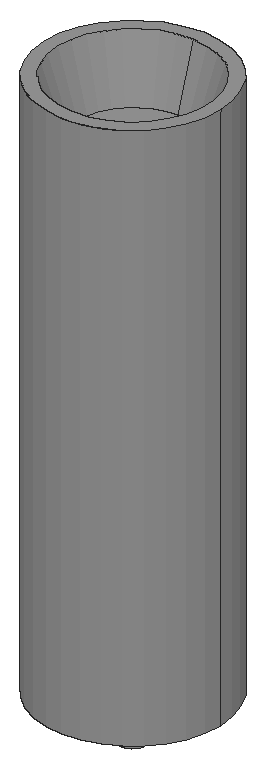
Revit family "2061017 Sylvania Lighting Fixture TubiXx LED surface 4000K white-white", category Lighting Fixtures, host Face, Revit 2016
Family settings
  Host = Face
  Part Type = Normal
  Round Connector Dimension = Use Diameter
  OmniClass Number = 23.80.70.00
  OmniClass Title = Lighting
  Cut with Voids When Loaded = No
  Light Source = Yes
  Shared = No
  Room Calculation Point = No
Parameters (values of type "2061017 TUBIXX LED SURFACE 4000K WHITE-WHITE")
  Weight = "n/a"
  Wattage Comments = ""
  Wattage = 9.2903 W
  WarrantyStartDate [instance] = "n/a"
  WarrantyGuarantorParts = "n/a"
  WarrantyDurationUnit = "n/a"
  WarrantyDurationParts = ""
  WarrantyDescription = "http://www.sylvania-lighting.com"
  built-in parameter 1150110 = 1 (stored number, unit not read)
  Voltage = 0 V
  URL = "0.95"
  TypeName = "TubiXx LED surface 4000K white-white"
  Type Image = <None>
  Type Comments = "n/a"
  Tube Recess = 28 mm
  Tube Diameter = 80 mm
  built-in parameter 1114217 = 1 (stored number, unit not read)
  Tilt Angle = 90.00°
  built-in parameter 1150109 = 1 (stored number, unit not read)
  built-in parameter 1150134 = 3
  built-in parameter 1150113 = 1 (stored number, unit not read)
  SerialNumber [instance] = "n/a"
  Photometric Web File = "2061017.ies"
  Material_3_FEILO = none
  PowerFactor = 0
  PowerConsumption = "Lighting"
  NominalLength = 0 mm
  NominalHeight = 0 mm
  NominalDepth = 0 mm
  Name = "TubiXx LED surface 4000K white-white"
  ModelReference = Name  # "TubiXx LED surface 4000K white-white"
  ModelNumber = "2061017"
  Model = Name  # "TubiXx LED surface 4000K white-white"
  Material = "Feilo Sylvania"
  ManufacturerName = "95 lm/W"
  Manufacturer = ""
  LuminousEfficacy = ""
  built-in parameter 1150105 = 109.82 (stored number, unit not read)
  Lumens = 1380 lm
  LuminaireType = "0"
  built-in parameter 1150115 = 1 (stored number, unit not read)
  LightOutputRatio = "LED"
  built-in parameter 1150137 = (empty or 0)
  built-in parameter 1150139 = (empty or 0)
  LampsType = Lamp  # "n/a"
  LampNominalLuminous = "4000 K"
  LampMacAdamStep = "92"
  LampColourTemperature = "LED"
  LampColourRenderingIndex = "16500"
  built-in parameter 1150112 = 1 (stored number, unit not read)
  built-in parameter 1150114 = 1 (stored number, unit not read)
  Lamp = "n/a"
  Keynote = "n/a"
  InstallationDate [instance] = "n/a"
  InputVoltage = "0"
  InputNominalFrequency = "4000"
  built-in parameter 1150132 = (empty or 0)
  built-in parameter 1150102 = (empty or 0)
  built-in parameter 1150107 = 3200 (stored number, unit not read)
  built-in parameter 1150138 = (empty or 0)
  IngressProtection = "IfcLightFixtureType"
  ImpactProtectionIndex = "IfcLightFixtureType"
  built-in parameter 1150106 = 1.0982 (stored number, unit not read)
  IfcExportType = "IfcLightFixtureType"
  IfcExportAs = "Class I"
  Height = 250 mm
  ExpectedLife = 50000
  Emit from Circle Diameter = 609.6 mm
  Emit Shape Visible in Rendering = no
  ElectricShockClassification = "95"
  built-in parameter 1150104 = 13.8 (stored number, unit not read)
  DurationUnit = "hours"
  DocumentationLiterature = "http://www.sylvania-lighting.com/product/en-int/products/2061017"
  DimmingControlOptions = "n/a"
  Material_2_FEILO = none
  Dimming Lamp Color Temperature Shift = <None>
  Description = "TubiXx LED Surface Mounted is a decorative Surface Mounted fixture with integrated driver, equipped with an integrated non-dimmable LED driver, White finish with White reflector, colour temperature 4000K, 14W, 1327lm, 95lm/W, IP20, IK02, Class I. Dimensions 250mmx80mm."
  Default Elevation = 1219.2 mm
  CreatedOn = "22/11/2019"
  CreatedBy = "@sylvania-lighting.com"
  Cost = 0
  Color Filter = 16777215
  built-in parameter 1114216 [instance] = (empty or 0)
  ClassificationValue = "EF_70_80"
  ClassificationName = "Uniclass2015"
  Material_1_FEILO = none
  Cable Clamp Height = 20 mm
  BarCode [instance] = "n/a"
  built-in parameter 1114218 = 1 (stored number, unit not read)
  built-in parameter 1150133 = 10 (stored number, unit not read)
  AssetType = "Fixed"
  AssetIdentifier [instance] = "n/a"
  Assembly Code = "D5020200"
  Apparent Load = 14 VA
  Material_4_FEILO = none
Reference planes
  plane 1 "Center (Front/Back)": y = 0
  plane 2: z = 0
  plane 3 "Center (Left/Right)": x = 0
  plane 4: x = 40
  plane 5: x = -40
  plane 6: y = 40
  plane 7: y = -40
  plane 8: z = 250
  plane 9: z = 0
  plane 10: z = 222
Forms (mm)
  Extrusion 1, solid, material "Aluminum", detail levels medium+fine
    sketch origin (4.2, 0, 0) x (1, 0, 0) y (0, 1, 0)
      loop
        circle (-4.2, 0) r 40
    from 0 to 250
  Blend 2, void
    base sketch origin (4.2, 0, 0) x (0, 1, 0) y (-1, 0, 0)
      loop
        circle (0, 4.2) r 25
    top sketch origin (4.2, 0, 0) x (0, 1, 0) y (-1, 0, 0)
      loop
        circle (0, 4.2) r 34
    from 222 to 250
  Extrusion 3, solid, material "Plastic, Opaque Black", detail levels fine
    sketch origin (3.621, -0.001, 0) x (0, 1, 0) y (1, 0, 0)
      loop
        circle (0.002, -3.635) r 6
    from 0 to 20
  Extrusion 4, solid, detail levels coarse
    sketch origin (4.2, 0, 0) x (0, 1, 0) y (1, 0, 0)
      loop
        line (39.967, 35.75) -> (-40.071, 35.75) -> (-40.071, -44.142) -> (39.967, -44.142) -> (39.967, 35.75)
    from -250 to 0
  Extrusion 5, solid, material "Glass, White, High Luminance", detail levels fine
    sketch origin (4.2, 0, 222) x (0, 1, 0) y (-1, 0, 0)
      loop
        circle (0.004, 4.166) r 25.024
    from 0 to 1
Cuts and joins
  Blend 2 cuts Extrusion 1
Dimensions and locks
  "Tube Diameter": plane 5 to plane 4
  equal spacing: plane 5, plane 3 "Center (Left/Right)", plane 4
  "Tube Diameter": plane 6 to plane 7
  equal spacing: plane 6, plane 1 "Center (Front/Back)", plane 7
  "Height": plane 8 to host face
  "Tube Recess": plane 8 to plane 10
  aligned and locked: plane 2 to host face
  aligned and locked: level to host face
Automatic sketch dimensions
  host sketch curve to host sketch curve = 2438.4 mm  (x2)
  plane 1 "Center (Front/Back)" to Extrusion 1 sketch curve = 0 mm
  Extrusion 1 sketch curve to plane 3 "Center (Left/Right)" = 0 mm
  plane 1 "Center (Front/Back)" to Blend 2 sketch curve = 0 mm  (x2)
  Blend 2 sketch curve to plane 3 "Center (Left/Right)" = 0 mm  (x2)
  Extrusion 4 sketch curve to Extrusion 4 sketch curve = 80.038 mm
  Extrusion 4 sketch curve to Extrusion 4 sketch curve = 79.892 mm
  radius of Extrusion 1 sketch curve = 40 mm
  radius of Blend 2 sketch curve = 25 mm
  radius of Blend 2 sketch curve = 34 mm
  radius of Extrusion 3 sketch curve = 6 mm
  radius of Extrusion 5 sketch curve = 25.024 mm
Connectors
  electrical at (-0.015, 0.001, -20)
    settings: on Extrusion 3, index 1, voltage 0 V, apparent load 0 VA, apparent load phase1 0 VA, apparent load phase2 0 VA, apparent load phase3 0 VA, power factor 1, load classification "Other", number of poles 1, system type 31, power factor state 1, is connector primary yes, connector utility no, sub classification motor no, connector description ""
  electrical at (0, 0, 250)
    settings: on cut or joined group of Extrusion 1, Blend 2, index 2, voltage 0 V, apparent load 0 VA, apparent load phase1 0 VA, apparent load phase2 0 VA, apparent load phase3 0 VA, power factor 1, load classification "Other", number of poles 1, system type 31, power factor state 1, is connector primary no, connector utility no, sub classification motor no, connector description ""
